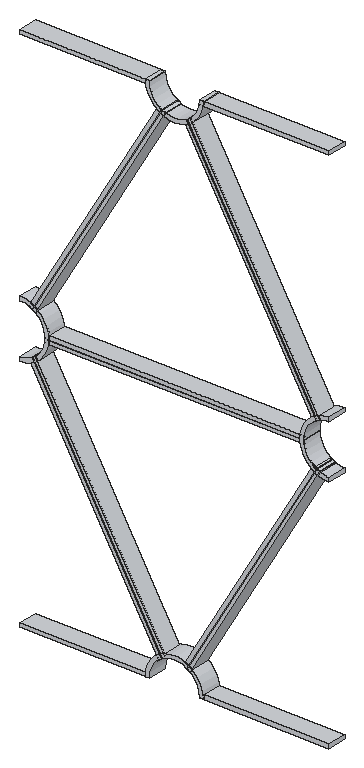
Revit family
Parameters
  C_spessore = 10 mm
  C_metà_spessore = C_spessore / 2  # 5 mm
  C_metà_lato_sup = C_lato_sup / 2  # 400 mm
  C_metà_diametro_giunto = C_diametro_giunto / 2  # 75 mm
  C_lato_sup = 800 mm
  C_diametro_giunto = 150 mm
  C_altezza_sup = sqrt(C_lato_sup ^ 2 - C_metà_lato_sup ^ 2)  # 692.82 mm
  C_altezza_prisma = 50 mm
Reference planes
  plane 1 "Center (Front/Back)": y = 0
  plane 2: z = 0
  plane 3 "Center (Left/Right)": x = 0
  plane 4: z = -692.82
  plane 5: z = 692.82
  plane 6: x = 400
  plane 7: x = -400
  plane 8: y = 50
  plane 9: x = 75
  plane 10: x = -75
  plane 11: x = -70
  plane 12: x = 70
  plane 13: x = -65
  plane 14: x = 65
  plane 15: z = 75
  plane 16: z = -75
  plane 17: z = 70
  plane 18: z = 65
  plane 19: z = -70
  plane 20: z = -65
Forms (mm)
  Extrusion 1, solid
    sketch origin (0, 0, 0) x (1, 0, 0) y (0, 0, 1)
      loop
        line (0, 692.82) -> (-400, 0) -> (400, 0) -> (0, 692.82)
    from 0 to -50
  Extrusion 2, void
    sketch origin (0, 0, 0) x (1, 0, 0) y (0, 0, 1)
      loop
        line (-382.679, 10) -> (382.679, 10) -> (0, 672.82) -> (-382.679, 10)
    from 0 to -50
  Extrusion 3, solid
    sketch origin (0, 0, 0) x (1, 0, 0) y (0, 0, 1)
      loop
        line (0, 692.82) -> (-400, 692.82) -> (-400, 0) -> (0, 692.82)
    from 0 to -50
  Extrusion 4, void
    sketch origin (0, 0, 0) x (1, 0, 0) y (0, 0, 1)
      loop
        line (-400, 682.82) -> (-400, 20) -> (-17.321, 682.82) -> (-400, 682.82)
    from 0 to -50
  Extrusion 5, solid
    sketch origin (0, 0, 0) x (1, 0, 0) y (0, 0, 1)
      loop
        line (0, 692.82) -> (400, 0) -> (400, 692.82) -> (0, 692.82)
    from -50 to 0
  Extrusion 6, void
    sketch origin (0, 0, 0) x (1, 0, 0) y (0, 0, 1)
      loop
        line (17.321, 682.82) -> (400, 20) -> (400, 682.82) -> (17.321, 682.82)
    from -50 to 0
  Extrusion 7, solid
    sketch origin (0, 0, 0) x (1, 0, 0) y (0, 0, 1)
      loop
        line (-400, 0) -> (0, -692.82) -> (400, 0) -> (-400, 0)
    from 0 to -50
  Extrusion 8, void
    sketch origin (0, 0, 0) x (1, 0, 0) y (0, 0, 1)
      loop
        line (382.679, -10) -> (-382.679, -10) -> (0, -672.82) -> (382.679, -10)
    from 0 to -50
  Extrusion 9, solid
    sketch origin (0, 0, 0) x (1, 0, 0) y (0, 0, 1)
      loop
        line (-400, 0) -> (-400, -692.82) -> (0, -692.82) -> (-400, 0)
    from 0 to -50
  Extrusion 10, void
    sketch origin (0, 0, 0) x (1, 0, 0) y (0, 0, 1)
      loop
        line (-17.321, -682.82) -> (-400, -20) -> (-400, -682.82) -> (-17.321, -682.82)
    from 0 to -50
  Extrusion 11, solid
    sketch origin (0, 0, 0) x (1, 0, 0) y (0, 0, 1)
      loop
        line (0, -692.82) -> (400, -692.82) -> (400, 0) -> (0, -692.82)
    from 0 to -50
  Extrusion 12, void
    sketch origin (0, 0, 0) x (1, 0, 0) y (0, 0, 1)
      loop
        line (17.321, -682.82) -> (400, -682.82) -> (400, -20) -> (17.321, -682.82)
    from 0 to -50
  Extrusion 13, solid
    sketch origin (0, 0, 0) x (1, 0, 0) y (0, 0, 1)
      loop
        line (-75, -692.82) -> (75, -692.82)
        arc (75, -692.82) -> (0, -617.82) -> (-75, -692.82) r 75
    from 0 to -50
  Extrusion 14, void
    sketch origin (0, 0, 0) x (1, 0, 0) y (0, 0, 1)
      loop
        line (-65, -692.82) -> (65, -692.82)
        arc (65, -692.82) -> (0, -627.82) -> (-65, -692.82) r 65
    from 0 to -50
  Extrusion 15, solid
    sketch origin (0, 0, 0) x (1, 0, 0) y (0, 0, 1)
      loop
        arc (-75, 692.82) -> (0, 617.82) -> (75, 692.82) r 75
        line (75, 692.82) -> (-75, 692.82)
    from 0 to -50
  Extrusion 16, void
    sketch origin (0, 0, 0) x (1, 0, 0) y (0, 0, 1)
      loop
        arc (-65, 692.82) -> (0, 627.82) -> (65, 692.82) r 65
        line (65, 692.82) -> (-65, 692.82)
    from 0 to -50
  Extrusion 17, solid
    sketch origin (0, 0, 0) x (1, 0, 0) y (0, 0, 1)
      loop
        arc (400, 75) -> (325, 0) -> (400, -75) r 75
        line (400, -75) -> (400, 75)
    from 0 to -50
  Extrusion 18, void
    sketch origin (0, 0, 0) x (1, 0, 0) y (0, 0, 1)
      loop
        arc (400, 65) -> (335, 0) -> (400, -65) r 65
        line (400, -65) -> (400, 65)
    from 0 to -50
  Extrusion 19, solid
    sketch origin (0, 0, 0) x (1, 0, 0) y (0, 0, 1)
      loop
        line (-400, 75) -> (-400, -75)
        arc (-400, -75) -> (-325, 0) -> (-400, 75) r 75
    from 0 to -50
  Extrusion 20, void
    sketch origin (0, 0, 0) x (1, 0, 0) y (0, 0, 1)
      loop
        line (-400, 65) -> (-400, -65)
        arc (-400, -65) -> (-335, 0) -> (-400, 65) r 65
    from 0 to -50
Cuts and joins
  Extrusion 2, Extrusion 4, Extrusion 6, Extrusion 16, Extrusion 18, Extrusion 20 cuts Extrusion 1
  Extrusion 4, Extrusion 16, Extrusion 20 cuts Extrusion 3
  Extrusion 6, Extrusion 16, Extrusion 18 cuts Extrusion 5
  Extrusion 8, Extrusion 10, Extrusion 12, Extrusion 14, Extrusion 18, Extrusion 20 cuts Extrusion 7
  Extrusion 10, Extrusion 14, Extrusion 20 cuts Extrusion 9
  Extrusion 12, Extrusion 14, Extrusion 18 cuts Extrusion 11
  Extrusion 14 cuts Extrusion 13
  Extrusion 16 cuts Extrusion 15
  Extrusion 18 cuts Extrusion 17
  Extrusion 20 cuts Extrusion 19
Lines and regions (mm)
  reference lines
    curve 1: line (0, 0, 692.82) -> (400, 0, 0)
    curve 2: line (0, 0, 692.82) -> (-400, 0, 0)
    curve 3: line (-400, 0, 0) -> (400, 0, 0)
    curve 4: line (-400, 0, 0) -> (0, 0, -692.82)
    curve 5: line (0, 0, -692.82) -> (400, 0, 0)
    curve 6: line (0, 0, 692.82) -> (-400, 0, 692.82)
    curve 7: line (0, 0, 692.82) -> (400, 0, 692.82)
    curve 8: line (0, 0, -692.82) -> (-400, 0, -692.82)
    curve 9: line (0, 0, -692.82) -> (400, 0, -692.82)
    curve 10: line (-391.34, 0, 5) -> (0, 0, 682.82)
    curve 11: line (0, 0, 682.82) -> (391.34, 0, 5)
    curve 12: line (391.34, 0, 5) -> (-391.34, 0, 5)
    curve 13: line (382.679, 0, 10) -> (-382.679, 0, 10)
    curve 14: line (-382.679, 0, 10) -> (0, 0, 672.82)
    curve 15: line (382.679, 0, 10) -> (0, 0, 672.82)
    curve 16: line (-391.34, 0, -5) -> (0, 0, -682.82)
    curve 17: line (391.34, 0, -5) -> (-391.34, 0, -5)
    curve 18: line (391.34, 0, -5) -> (0, 0, -682.82)
    curve 19: line (382.679, 0, -10) -> (-382.679, 0, -10)
    curve 20: line (-382.679, 0, -10) -> (0, 0, -672.82)
    curve 21: line (382.679, 0, -10) -> (0, 0, -672.82)
    curve 22: line (-8.66, 0, 687.82) -> (-400, 0, 687.82)
    curve 23: line (8.66, 0, 687.82) -> (400, 0, 687.82)
    curve 24: line (-400, 0, 682.82) -> (-17.321, 0, 682.82)
    curve 25: line (17.321, 0, 682.82) -> (400, 0, 682.82)
    curve 26: line (-8.66, 0, 687.82) -> (-400, 0, 10)
    curve 27: line (-17.321, 0, 682.82) -> (-400, 0, 20)
    curve 28: line (8.66, 0, 687.82) -> (400, 0, 10)
    curve 29: line (17.321, 0, 682.82) -> (400, 0, 20)
    curve 30: line (-400, 0, -687.82) -> (-8.66, 0, -687.82)
    curve 31: line (-400, 0, -682.82) -> (-17.321, 0, -682.82)
    curve 32: line (-17.321, 0, -682.82) -> (-400, 0, -20)
    curve 33: line (-8.66, 0, -687.82) -> (-400, 0, -10)
    curve 34: line (400, 0, -687.82) -> (8.66, 0, -687.82)
    curve 35: line (400, 0, -682.82) -> (17.321, 0, -682.82)
    curve 36: line (8.66, 0, -687.82) -> (400, 0, -10)
    curve 37: line (17.321, 0, -682.82) -> (400, 0, -20)
    curve 38: arc (-75, 0, -692.82) -> (0, 0, -617.82) -> (75, 0, -692.82) r 75
    curve 39: arc (-70, 0, -692.82) -> (0, 0, -622.82) -> (70, 0, -692.82) r 70
    curve 40: arc (-65, 0, -692.82) -> (0, 0, -627.82) -> (65, 0, -692.82) r 65
    curve 41: arc (-75, 0, 692.82) -> (0, 0, 617.82) -> (75, 0, 692.82) r 75
    curve 42: arc (-70, 0, 692.82) -> (0, 0, 622.82) -> (70, 0, 692.82) r 70
    curve 43: arc (-65, 0, 692.82) -> (0, 0, 627.82) -> (65, 0, 692.82) r 65
    curve 44: arc (400, 0, 75) -> (325, 0, 0) -> (400, 0, -75) r 75
    curve 45: arc (400, 0, 70) -> (330, 0, 0) -> (400, 0, -70) r 70
    curve 46: arc (400, 0, 65) -> (335, 0, 0) -> (400, 0, -65) r 65
    curve 47: arc (-400, 0, 75) -> (-325, 0, 0) -> (-400, 0, -75) r 75
    curve 48: arc (-400, 0, 70) -> (-330, 0, 0) -> (-400, 0, -70) r 70
    curve 49: arc (-400, 0, 65) -> (-335, 0, 0) -> (-400, 0, -65) r 65
Dimensions and locks
  "C_metà_lato_sup": plane 3 "Center (Left/Right)" to plane 7
  "C_metà_lato_sup": plane 6 to plane 3 "Center (Left/Right)"
  "C_altezza_sup": plane 5 to plane 2
  "C_altezza_sup": plane 2 to plane 4
  "C_metà_spessore": curve 12 to plane 2
  "C_metà_spessore": curve 10 to curve 2
  "C_metà_spessore": curve 11 to curve 1
  "C_metà_spessore": curve 13 to curve 12
  "C_metà_spessore": curve 14 to curve 10
  "C_metà_spessore": curve 15 to curve 11
  "C_metà_spessore": plane 2 to curve 17
  "C_metà_spessore": curve 18 to curve 5
  "C_metà_spessore": curve 4 to curve 16
  "C_metà_spessore": curve 17 to curve 19
  "C_metà_spessore": curve 16 to curve 20
  "C_metà_spessore": curve 21 to curve 18
  "C_metà_spessore": plane 5 to curve 23
  "C_metà_spessore": curve 23 to curve 25
  "C_metà_spessore": curve 26 to curve 2
  "C_metà_spessore": curve 27 to curve 26
  "C_metà_spessore": plane 5 to curve 22
  "C_metà_spessore": curve 22 to curve 24
  "C_metà_spessore": curve 1 to curve 28
  "C_metà_spessore": curve 28 to curve 29
  "C_metà_spessore": curve 30 to plane 4
  "C_metà_spessore": curve 31 to curve 30
  "C_metà_spessore": curve 4 to curve 33
  "C_metà_spessore": curve 33 to curve 32
  "C_metà_spessore": curve 34 to plane 4
  "C_metà_spessore": curve 35 to curve 34
  "C_metà_spessore": curve 36 to curve 5
  "C_metà_spessore": curve 37 to curve 36
  "C_altezza_prisma": plane 8 to plane 1 "Center (Front/Back)"
  "C_metà_diametro_giunto": plane 3 "Center (Left/Right)" to plane 10
  "C_metà_diametro_giunto": plane 9 to plane 3 "Center (Left/Right)"
  "C_metà_spessore": plane 11 to plane 10
  "C_metà_spessore": plane 12 to plane 9
  "C_metà_spessore": plane 13 to plane 11
  "C_metà_spessore": plane 14 to plane 12
  "C_metà_diametro_giunto": plane 15 to plane 2
  "C_metà_diametro_giunto": plane 2 to plane 16
  "C_metà_spessore": plane 20 to plane 19
  "C_metà_spessore": plane 19 to plane 16
  "C_metà_spessore": plane 15 to plane 17
  "C_metà_spessore": plane 17 to plane 18
  aligned and locked: plane 2 to curve 1
  aligned and locked: plane 7 to curve 2
  aligned and locked: curve 3 to plane 2
  aligned and locked: plane 3 "Center (Left/Right)" to curve 4
  aligned and locked: curve 6 to plane 5
  aligned and locked: plane 6 to curve 7
  aligned and locked: curve 8 to plane 4
  aligned and locked: Extrusion 1 sketch curve to curve 1
  aligned and locked: Extrusion 1 sketch curve to curve 2
  aligned and locked: Extrusion 1 sketch curve to curve 3
  aligned and locked: Extrusion 1 to plane 1 "Center (Front/Back)"
  aligned and locked: Extrusion 1 to plane 8
  aligned and locked: Extrusion 2 sketch curve to curve 14
  aligned and locked: Extrusion 2 sketch curve to curve 15
  aligned and locked: Extrusion 2 sketch curve to curve 13
  aligned and locked: Extrusion 2 to plane 1 "Center (Front/Back)"
  aligned and locked: Extrusion 2 to plane 8
  aligned and locked: Extrusion 3 sketch curve to curve 6
  aligned and locked: Extrusion 3 sketch curve to cut or joined group of Extrusion 1, Extrusion 2, Extrusion 4, Extrusion 6, Extrusion 16, Extrusion 18, Extrusion 20
  aligned and locked: Extrusion 3 sketch curve to plane 7
  aligned and locked: Extrusion 3 to plane 1 "Center (Front/Back)"
  aligned and locked: Extrusion 3 to plane 8
  aligned and locked: Extrusion 4 sketch curve to curve 24
  aligned and locked: Extrusion 4 sketch curve to curve 27
  aligned and locked: Extrusion 4 sketch curve to plane 7
  aligned and locked: Extrusion 4 to plane 1 "Center (Front/Back)"
  aligned and locked: Extrusion 4 to plane 8
  aligned and locked: Extrusion 5 sketch curve to curve 7
  aligned and locked: Extrusion 5 sketch curve to cut or joined group of Extrusion 1, Extrusion 2, Extrusion 4, Extrusion 6, Extrusion 16, Extrusion 18, Extrusion 20
  aligned and locked: Extrusion 5 sketch curve to plane 6
  aligned and locked: Extrusion 5 to plane 8
  aligned and locked: plane 1 "Center (Front/Back)" to Extrusion 5
  aligned and locked: Extrusion 6 sketch curve to curve 25
  aligned and locked: Extrusion 6 sketch curve to curve 29
  aligned and locked: Extrusion 6 sketch curve to plane 6
  aligned and locked: Extrusion 6 to plane 8
  aligned and locked: plane 1 "Center (Front/Back)" to Extrusion 6
  aligned and locked: Extrusion 7 sketch curve to cut or joined group of Extrusion 1, Extrusion 2, Extrusion 4, Extrusion 6, Extrusion 16, Extrusion 18, Extrusion 20
  aligned and locked: Extrusion 7 sketch curve to curve 4
  aligned and locked: Extrusion 7 sketch curve to curve 5
  aligned and locked: plane 1 "Center (Front/Back)" to Extrusion 7
  aligned and locked: Extrusion 7 to plane 8
  aligned and locked: Extrusion 8 sketch curve to curve 19
  aligned and locked: Extrusion 8 sketch curve to curve 20
  aligned and locked: Extrusion 8 sketch curve to curve 21
  aligned and locked: plane 1 "Center (Front/Back)" to Extrusion 8
  aligned and locked: Extrusion 8 to plane 8
  aligned and locked: Extrusion 9 sketch curve to cut or joined group of Extrusion 7, Extrusion 8, Extrusion 10, Extrusion 12, Extrusion 14, Extrusion 18, Extrusion 20
  aligned and locked: Extrusion 9 sketch curve to curve 8
  aligned and locked: plane 7 to Extrusion 9 sketch curve
  aligned and locked: plane 1 "Center (Front/Back)" to Extrusion 9
  aligned and locked: Extrusion 9 to plane 8
  aligned and locked: Extrusion 10 sketch curve to curve 32
  aligned and locked: Extrusion 10 sketch curve to curve 31
  aligned and locked: plane 7 to Extrusion 10 sketch curve
  aligned and locked: plane 1 "Center (Front/Back)" to Extrusion 10
  aligned and locked: Extrusion 10 to plane 8
  aligned and locked: Extrusion 11 sketch curve to cut or joined group of Extrusion 7, Extrusion 8, Extrusion 10, Extrusion 12, Extrusion 14, Extrusion 18, Extrusion 20
  aligned and locked: Extrusion 11 sketch curve to curve 9
  aligned and locked: plane 6 to Extrusion 11 sketch curve
  aligned and locked: plane 1 "Center (Front/Back)" to Extrusion 11
  aligned and locked: Extrusion 11 to plane 8
  aligned and locked: Extrusion 12 sketch curve to curve 37
  aligned and locked: Extrusion 12 sketch curve to curve 35
  aligned and locked: plane 6 to Extrusion 12 sketch curve
  aligned and locked: plane 1 "Center (Front/Back)" to Extrusion 12
  aligned and locked: Extrusion 12 to plane 8
  aligned and locked: Extrusion 13 sketch curve to curve 38
  aligned and locked: Extrusion 13 sketch curve to curve 8
  aligned and locked: plane 1 "Center (Front/Back)" to Extrusion 13
  aligned and locked: Extrusion 13 to plane 8
  aligned and locked: Extrusion 14 sketch curve to curve 40
  aligned and locked: plane 4 to Extrusion 14 sketch curve
  aligned and locked: plane 1 "Center (Front/Back)" to Extrusion 14
  aligned and locked: Extrusion 14 to plane 8
  aligned and locked: Extrusion 15 sketch curve to curve 41
  aligned and locked: Extrusion 15 sketch curve to curve 6
  aligned and locked: Extrusion 15 to plane 1 "Center (Front/Back)"
  aligned and locked: Extrusion 15 to plane 8
  aligned and locked: Extrusion 16 sketch curve to curve 43
  aligned and locked: plane 5 to Extrusion 16 sketch curve
  aligned and locked: Extrusion 16 to plane 1 "Center (Front/Back)"
  aligned and locked: Extrusion 16 to plane 8
  aligned and locked: Extrusion 17 sketch curve to curve 44
  aligned and locked: Extrusion 17 sketch curve to plane 6
  aligned and locked: Extrusion 17 to plane 1 "Center (Front/Back)"
  aligned and locked: Extrusion 17 to plane 8
  aligned and locked: Extrusion 18 sketch curve to curve 46
  aligned and locked: Extrusion 18 sketch curve to plane 6
  aligned and locked: Extrusion 18 to plane 1 "Center (Front/Back)"
  aligned and locked: Extrusion 18 to plane 8
  aligned and locked: Extrusion 19 sketch curve to curve 47
  aligned and locked: Extrusion 19 sketch curve to plane 7
  aligned and locked: Extrusion 19 to plane 1 "Center (Front/Back)"
  aligned and locked: Extrusion 19 to plane 8
  aligned and locked: Extrusion 20 sketch curve to curve 49
  aligned and locked: Extrusion 20 sketch curve to plane 7
  aligned and locked: Extrusion 20 to plane 1 "Center (Front/Back)"
  aligned and locked: Extrusion 20 to plane 8
Automatic sketch dimensions
  curve 38 to curve 39 = 0 mm
  curve 38 to curve 40 = 0 mm
  curve 39 to curve 40 = 0 mm
  curve 41 to curve 42 = 0 mm
  curve 41 to curve 43 = 0 mm
  curve 42 to curve 43 = 0 mm
  curve 44 to curve 45 = 0 mm  (x2)
  curve 44 to curve 46 = 0 mm  (x2)
  curve 45 to curve 46 = 0 mm  (x2)
  curve 49 to plane 18 = 0 mm
  curve 49 to level = 0 mm
  curve 48 to plane 17 = 0 mm
  curve 48 to level = 0 mm
  curve 47 to plane 16 = 0 mm
  curve 47 to plane 15 = 0 mm
  curve 30 to plane 7 = 0 mm
  curve 27 to plane 7 = 0 mm
  curve 31 to plane 7 = 0 mm
  curve 26 to plane 7 = 0 mm
  curve 24 to plane 7 = 0 mm
  curve 8 to plane 7 = 0 mm
  curve 22 to plane 7 = 0 mm
  curve 33 to plane 7 = 0 mm
  curve 32 to plane 7 = 0 mm
  curve 6 to plane 7 = 0 mm
  curve 38 to plane 10 = 0 mm
  curve 41 to plane 10 = 0 mm
  curve 42 to plane 11 = 0 mm
  curve 39 to plane 11 = 0 mm
  curve 40 to plane 13 = 0 mm
  curve 43 to plane 13 = 0 mm
  curve 41 to plane 3 "Center (Left/Right)" = 0 mm
  curve 21 to plane 3 "Center (Left/Right)" = 0 mm
  curve 40 to plane 3 "Center (Left/Right)" = 0 mm
  curve 7 to plane 3 "Center (Left/Right)" = 0 mm
  curve 34 to plane 6 = 0 mm
  curve 36 to plane 6 = 0 mm
  curve 37 to plane 6 = 0 mm
  curve 29 to plane 6 = 0 mm
  curve 44 to level = 0 mm
  curve 44 to plane 6 = 0 mm
  curve 23 to plane 6 = 0 mm
  curve 35 to plane 6 = 0 mm
  curve 25 to plane 6 = 0 mm
  curve 9 to plane 6 = 0 mm
  curve 28 to plane 6 = 0 mm
  curve 44 to plane 16 = 0 mm
  curve 45 to plane 19 = 0 mm
  curve 46 to plane 20 = 0 mm
  curve 47 to plane 7 = 0 mm
  curve 48 to curve 47 = 0 mm
  curve 49 to curve 48 = 0 mm
